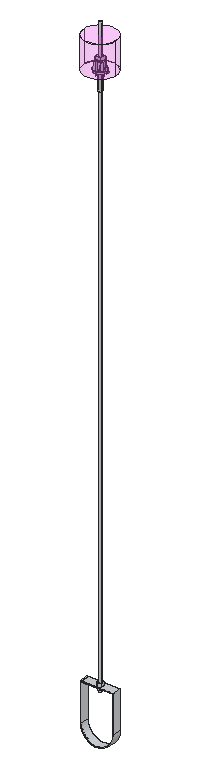
Revit family "CLEVIS HANGER - PIPES & CONDUIT", category Generic Models, Revit 2019
Family settings
  Can host rebar = No
  Round Connector Dimension = Use Diameter
  Part Type = Normal
  Work Plane-Based = No
  Always vertical = Yes
  Cut with Voids When Loaded = No
  Shared = No
  Room Calculation Point = No
Parameters
  Unistrut length [instance] = 0' - 10.70469"
  Unistrut Depth [instance] = 0' - 1 5/8"
  Slab Thickness [instance] = 0' - 8.33436"
  Pipe Band Width [instance] = Outside Pipe Diameter + 0' 0 1/4"  # 0' - 6 1/4"
  Outside Pipe Diameter [instance] = 0' - 6"
  Hanger Width [instance] = 0' - 6.70469"
  Band Width [instance] = 0' - 1 1/2"
  Band Height [instance] = Outside Pipe Diameter / 1.5  # 0' - 4"
  Anchor Elevation [instance] = 10' - 0"
Reference planes (in)
  plane 1 "Center (Front/Back)": y = 0
  plane 2: z = 0
  plane 3 "Center (Left/Right)": x = 0
  plane 4: z = 120
  plane 5: y = -0.8125
  plane 6: y = 0.8125
  plane 7: x = 3
  plane 8: x = -3
  plane 9: z = -3
  plane 10: x = -3.125
  plane 11: x = 3.125
  plane 12: z = 7.125
  plane 13: z = 7
  plane 14: z = 6
  plane 15: z = 3
  plane 16: z = 111.66564
Forms (in)
  Extrusion 1, solid
    sketch origin (0, 0, 0) x (1, 0, 0) y (0, 1, 0)
      loop
        circle (0, 0) r 0.25
    from 6 to 120
  Extrusion 2, solid
    sketch origin (0, 0, 0) x (1, 0, 0) y (0, 0, 1)
      loop
        line (-3, 0) -> (-3.125, 0)
        arc (-3.125, 0) -> (0, -3.125) -> (3.125, 0) r 3.125
        line (3.125, 0) -> (3, 0)
        arc (3, 0) -> (0, -3) -> (-3, 0) r 3
    from -0.8125 to 0.8125
  Extrusion 3, solid
    sketch origin (0, 0, 0) x (1, 0, 0) y (0, 0, 1)
      loop
        line (-3.125, 7.125) -> (-3.125, 0) -> (-3, 0) -> (-3, 7) -> (3, 7) -> (3, 0) -> (3.125, 0) -> (3.125, 7.125) -> (-3.125, 7.125)
    from -0.8125 to 0.8125
  Extrusion 4, solid
    sketch origin (-7.92438, -180, 7.125) x (-1, 0, 0) y (0, -1, 0)
      loop
        line (-8.42438, -180.28868) -> (-7.92438, -180.57735) -> (-7.42438, -180.28868) -> (-7.42438, -179.71132) -> (-7.92438, -179.42265) -> (-8.42438, -179.71132) -> (-8.42438, -180.28868)
    from -0.125 to -0.625
  Extrusion 5, solid
    sketch origin (-7.92438, -180, 7.125) x (-1, 0, 0) y (0, -1, 0)
      loop
        line (-8.42438, -180.28868) -> (-7.92438, -180.57735) -> (-7.42438, -180.28868) -> (-7.42438, -179.71132) -> (-7.92438, -179.42265) -> (-8.42438, -179.71132) -> (-8.42438, -180.28868)
    from 0 to 0.5
Dimensions and locks (in)
  locked: plane 6 to plane 5 at 1.625
  equal spacing: plane 7, plane 3 "Center (Left/Right)", plane 8
  "Outside Pipe Diameter": plane 7 to plane 8
  locked: plane 11 to plane 7 at 0.125
  locked: plane 8 to plane 10 at 0.125
  "Anchor Elevation": plane 4 to level
  equal spacing: plane 5, plane 1 "Center (Front/Back)", plane 6, locked at 0.8125 each
  locked: plane 12 to plane 13 at 0.125
  locked: plane 13 to plane 14 at 1
  locked: plane 3 "Center (Left/Right)" to Extrusion 4 at 0.5
  locked: Extrusion 4 to plane 3 "Center (Left/Right)" at 0.5
  equal spacing: plane 15, level, plane 9
  "Outside Pipe Diameter": plane 15 to plane 9
  "Band Height": plane 13 to plane 15
  "Slab Thickness": plane 4 to plane 16
  "Outside Pipe Diameter": diameter of Extrusion 2 sketch curve
  "Pipe Band Width": diameter of Extrusion 2 sketch curve
  aligned and locked: plane 2 to level
  aligned and locked: level to Extrusion 3 sketch curve  (x2)
  aligned and locked: Extrusion 3 sketch curve to plane 8
  aligned and locked: plane 10 to Extrusion 3 sketch curve
  aligned and locked: Extrusion 3 sketch curve to plane 12
  aligned and locked: Extrusion 3 sketch curve to plane 13
  aligned and locked: plane 7 to Extrusion 3 sketch curve
  aligned and locked: Extrusion 3 sketch curve to plane 11
  aligned and locked: Extrusion 1 to plane 4
  aligned and locked: plane 14 to Extrusion 1
  aligned and locked: Extrusion 3 to plane 6
  aligned and locked: Extrusion 2 to plane 6
  aligned and locked: plane 5 to Extrusion 3
  aligned and locked: plane 5 to Extrusion 2
  aligned and locked: plane 3 "Center (Left/Right)" to nested 2
  aligned and locked: plane 1 "Center (Front/Back)" to nested 2
  aligned and locked: plane 1 "Center (Front/Back)" to nested 1
  aligned and locked: plane 3 "Center (Left/Right)" to nested 1
  aligned and locked: plane 1 "Center (Front/Back)" to nested 3
  aligned and locked: plane 3 "Center (Left/Right)" to nested 3
  aligned and locked: nested 2 to nested 3
Automatic sketch dimensions
  plane 1 "Center (Front/Back)" to Extrusion 1 sketch curve = 0' - 0"
  Extrusion 1 sketch curve to plane 3 "Center (Left/Right)" = 0' - 0"
  Extrusion 4 sketch curve to plane 3 "Center (Left/Right)" = 0' - 0"  (x2)
  plane 3 "Center (Left/Right)" to Extrusion 4 sketch curve = 0' - 0 1/2"
  Extrusion 4 sketch curve to plane 3 "Center (Left/Right)" = 0' - 0 1/2"
  plane 6 to Extrusion 4 sketch curve = 0' - 0.23515"
  Extrusion 4 sketch curve to plane 1 "Center (Front/Back)" = 0' - 0.28868"  (x2)
  plane 1 "Center (Front/Back)" to Extrusion 4 sketch curve = 0' - 0.28868"  (x2)
  Extrusion 4 sketch curve to plane 5 = 0' - 0.23515"
  Extrusion 5 sketch curve to plane 3 "Center (Left/Right)" = 0' - 0"  (x2)
  plane 3 "Center (Left/Right)" to Extrusion 5 sketch curve = 0' - 0 1/2"
  Extrusion 5 sketch curve to plane 3 "Center (Left/Right)" = 0' - 0 1/2"
  plane 6 to Extrusion 5 sketch curve = 0' - 0.23515"
  Extrusion 5 sketch curve to plane 1 "Center (Front/Back)" = 0' - 0.28868"  (x2)
  plane 1 "Center (Front/Back)" to Extrusion 5 sketch curve = 0' - 0.28868"  (x2)
  Extrusion 5 sketch curve to plane 5 = 0' - 0.23515"
  Extrusion 2 sketch curve to Extrusion 2 sketch curve = 0' - 0"
  Extrusion 2 sketch curve to level = 0' - 0"
  Extrusion 2 sketch curve to plane 10 = 0' - 0"
  radius of Extrusion 1 sketch curve = 0' - 0 1/4"
Nested families (in)
  nested 1: "DEWALT Wood Knocker 2" at (0, 0, 111.66564), type "Anchor - DEWALT - PFM2521300"
    with Tension Demand 0.00 lbf, Tension DCR 0, Tension Capacity 0.00 lbf, Shear Demand 0.00 lbf, Shear DCR 0, Shear Capacity 0.00 lbf, Prefab ID "", Point Visibility no, Point Description "", Interaction DCR 0, Hanger Assembly ID "1", GTP_PointRole_0 "", GTP_PointNumber_0 "", GTP_PointElement_0 "", GTP_LinkedParam_0 "GTP_PointNumber_0", Deck Elevation 0' - 0", DCR 0, ANCHOR CLEARANCE yes
  nested 2: "TE_BLUE BANGER" at (0, 0, 111.66564), type "Default"
    with Tension Demand 0.00 lbf, Tension DCR 0, Tension Capacity 0.00 lbf, Shear Demand 0.00 lbf, Shear DCR 0, Shear Capacity 0.00 lbf, Prefab ID "", Point Visibility no, Point Description "", Interaction DCR 0, Hanger Assembly ID "1", GTP_PointRole_0 "", GTP_PointNumber_0 "", GTP_PointElement_0 "", GTP_LinkedParam_0 "GTP_PointNumber_0", Deck Elevation 0' - 0", DCR 0, ANCHOR CLEARANCE yes
  nested 3: "GTP" at (0, 0, 113.63964), type "DEWALT Hanger Pt"
    with PointRole "Stake Out", PointNumber "", PointElement "", PointDescription "Hanger Pt", LinkedParam ""
Definition of nested family "DEWALT Wood Knocker 2"
  Parameters (values of type "Anchor - DEWALT - PFM2521300")
    ≥ 5/8" = Rod Diameter > 0' 0 1/2"  # yes
    ≤ 1/2" = not([≥ 5/8"])  # no
    Weight = 0.00 lbm
    URL = "http://anchors.dewalt.com/anchors/products/mechanical-anchors/wood-knocker2plus.php"
    UPC = ""
    Type Comments = "DEWALT Wood Knocker 2"
    Tension Demand [instance] = 0.00 lbf
    Tension DCR [instance] = 0
    Tension Capacity [instance] = 0.00 lbf
    Shear Demand [instance] = 0.00 lbf
    Shear DCR [instance] = 0
    Shear Capacity [instance] = 0.00 lbf
    Rod Zone of Influence Radius = 0' - 6"
    Rod Diameter = 0' - 0 3/4"
    Prefab ID [instance] = ""
    Point Visibility [instance] = no
    Point Description [instance] = ""
    Part Number = "PFM2521300"
    Model = "Wood-Knocker®II+"
    Manufacturer = "DeWALT® Anchors & Fasteners"
    Interaction DCR [instance] = 0
    Hanger Assembly ID [instance] = "1"
    HPH = "335RL5101J"
    GTP_PointRole_0 [instance] = ""
    GTP_PointNumber_0 [instance] = ""
    GTP_PointElement_0 [instance] = ""
    GTP_LinkedParam_0 [instance] = "GTP_PointNumber_0"
    Description = "WOODKNOCKER 2 INSERT 0.750"
    Default Elevation = 0' - 0"  # constant formula
    Deck Elevation [instance] = 0' - 0"
    DCR [instance] = 0
    Cost = 3.06
    Anchor Support Recess Depth = 0' - 1 1/8"
    ANCHOR CLEARANCE [instance] = yes
  Types (2): name | ≥ 5/8" | ≤ 1/2" | Rod Diameter | Part Number | HPH | Description | Cost | Anchor Support Recess Depth
    Anchor - DEWALT - PFM2521300 | yes | no | 0' - 0 3/4" | "PFM2521300" | "335RL5101J" | "WOODKNOCKER 2 INSERT 0.750" | 3.06 | 0' - 1 1/8"
    Anchor - DEWALT - PFM2521100 | no | yes | 0' - 0 1/4" | "PFM2521100" | "335RL5101B" | "WOODKNOCKER 2 INSERT 0.250" | 2.03 | 0' - 0 3/8"
  Reference planes (in)
    plane 1 "Center (Front/Back)": y = 0
    plane 2 "REF": z = 0
    plane 3 "Center (Left/Right)": x = 0
    plane 4 "Head Height": z = 1.97441
    plane 5 "Nail Depth": z = -0.83829
    plane 6: z = 0.15748
    plane 7: z = 1.84921
    plane 8 "PointBase": z = -0.64816
    plane 9 "Elevation": z = 0
    plane 10: x = -0.28109
    plane 11: x = 0.67385
    plane 12: x = -0.33604
    plane 13: x = -0.33604
    plane 14: z = 1.125
    plane 15: z = 1.07087
    plane 16: z = 0.46883
    plane 17: z = 1.77953
    plane 18: z = 6
  Forms (in)
    Extrusion 1, solid
      sketch origin (0, 0, 0) x (1, 0, 0) y (0, 1, 0)
        loop
          line (-48, 48) -> (-48, -48) -> (48, -48) -> (48, 48) -> (-48, 48)
      from 0 to -12
    Extrusion 2, solid
      sketch origin (0.1137, 0.04621, 0) x (1, 0, 0) y (0, 1, 0)
        loop
          circle (0.56015, -0.04621) r 0.05494
      from 0 to -0.64816
    Revolve 3, solid
      sketch origin (0.1137, 0, 0) x (1, 0, 0) y (0, 0, 1)
        loop
          line (0.56015, -0.83829) -> (0.61509, -0.64816) -> (0.56015, -0.64816) -> (0.56015, -0.83829)
        axis (0.56015, -0.83829) -> (0.56015, -0.64816)
      angle from 0 to 360
    Extrusion 4, solid
      sketch origin (-0.89618, 0.14479, 0) x (1, 0, 0) y (0, 1, 0)
        loop
          circle (0.56015, 0.43886) r 0.05494
      from 0 to -0.64816
    Revolve 5, solid
      sketch origin (-0.05494, -0.58365, 0) x (-1, 0, 0) y (0, 0, 1)
        loop
          line (0.28109, -0.83829) -> (0.28109, -0.64816) -> (0.22615, -0.64816) -> (0.28109, -0.83829)
        axis (0.28109, -0.83829) -> (0.28109, -0.64816)
      angle from 0 to 360
    Revolve 6, solid
      sketch origin (-0.05494, 0.58365, 0) x (-1, 0, 0) y (0, 0, 1)
        loop
          line (0.28109, -0.83829) -> (0.28109, -0.64816) -> (0.22615, -0.64816) -> (0.28109, -0.83829)
        axis (0.28109, -0.83829) -> (0.28109, -0.64816)
      angle from 0 to 360
    Extrusion 7, solid
      sketch origin (-0.89618, -0.53744, 0) x (1, 0, 0) y (0, 1, 0)
        loop
          circle (0.56015, -0.04621) r 0.05494
      from 0 to -0.64816
    Extrusion 8, solid
      sketch origin (0, 0, 0) x (1, 0, 0) y (0, 1, 0)
        loop
          line (-0.55168, 0.67832) -> (-0.86328, 0.13861) -> (-0.86328, -0.13861) -> (-0.55168, -0.67832) -> (-0.3116, -0.81693) -> (0.3116, -0.81693) -> (0.55168, -0.67832) -> (0.86328, -0.13861) -> (0.86328, 0.13861) -> (0.55168, 0.67832) -> (0.3116, 0.81693) -> (-0.3116, 0.81693) -> (-0.55168, 0.67832)
      from 1.84921 to 1.97441
    Extrusion 9, solid
      sketch origin (0, 0, 0) x (1, 0, 0) y (0, 1, 0)
        loop
          circle (0, 0) r 1.1875
      from 0 to 0.15748
    Extrusion 10, solid
      sketch origin (0, 0, 0) x (1, 0, 0) y (0, 1, 0)
        loop
          arc (0.56216, -0.08377) -> (0.81234, -0.0014) -> (0.56386, 0.08598) r 0.13912
          arc (0.56386, 0.08598) -> (0.28519, 0.49397) -> (-0.20747, 0.53131) r 0.57038
          arc (-0.20747, 0.53131) -> (-0.40689, 0.70309) -> (-0.35474, 0.4451) r 0.13912
          arc (-0.35474, 0.4451) -> (-0.56917, 0) -> (-0.35474, -0.4451) r 0.56917
          arc (-0.35474, -0.4451) -> (-0.40569, -0.70379) -> (-0.20853, -0.52873) r 0.13912
          arc (-0.20853, -0.52873) -> (0.28418, -0.49222) -> (0.56216, -0.08377) r 0.56837
      from 0.15748 to 1.84921
    Blend 11, solid
      base sketch origin (0, 0, 0) x (1, 0, 0) y (0, 1, 0)
        loop
          line (0.81235, -0.03303) -> (1.17835, -0.03303) -> (1.17835, 0.03317) -> (0.81235, 0.03317) -> (0.81235, -0.03303)
      top sketch origin (0, 0, 0) x (1, 0, 0) y (0, 1, 0)
        loop
          line (1.00811, 0.03317) -> (0.81235, 0.03317) -> (0.81235, -0.03303) -> (1.00811, -0.03303) -> (1.00811, 0.03317)
      from 0.15748 to 1.77953
    Blend 12, solid
      base sketch origin (0.24034, 0, 0) x (-1, 0, 0) y (0, -1, 0)
        loop
          line (0.80952, 0.03303) -> (0.80952, -0.03317) -> (1.40102, -0.03317) -> (1.40102, 0.03303) -> (0.80952, 0.03303)
      top sketch origin (0.24034, 0, 0) x (-1, 0, 0) y (0, -1, 0)
        loop
          line (0.88764, -0.03317) -> (0.88764, 0.03303) -> (0.80952, 0.03303) -> (0.80952, -0.03317) -> (0.88764, -0.03317)
      from 0.15748 to 1.07087
    Blend 13, solid
      base sketch origin (0, 0, 0) x (-0.500814, 0.865555, 0) y (-0.865555, -0.500814, 0)
        loop
          line (0.81235, -0.03303) -> (1.17835, -0.03303) -> (1.17835, 0.03317) -> (0.81235, 0.03317) -> (0.81235, -0.03303)
      top sketch origin (0, 0, 0) x (-0.500814, 0.865555, 0) y (-0.865555, -0.500814, 0)
        loop
          line (1.00811, 0.03317) -> (0.81235, 0.03317) -> (0.81235, -0.03303) -> (1.00811, -0.03303) -> (1.00811, 0.03317)
      from 0.15748 to 1.77953
    Blend 14, solid
      base sketch origin (-0.12037, 0.20803, 0) x (0.500814, -0.865555, 0) y (0.865555, 0.500814, 0)
        loop
          line (0.80952, 0.03303) -> (0.80952, -0.03317) -> (1.40102, -0.03317) -> (1.40102, 0.03303) -> (0.80952, 0.03303)
      top sketch origin (-0.12037, 0.20803, 0) x (0.500814, -0.865555, 0) y (0.865555, 0.500814, 0)
        loop
          line (0.88764, -0.03317) -> (0.88764, 0.03303) -> (0.80952, 0.03303) -> (0.80952, -0.03317) -> (0.88764, -0.03317)
      from 0.15748 to 1.07087
    Blend 15, solid
      base sketch origin (0, 0, 0) x (-0.499476, -0.866328, 0) y (0.866328, -0.499476, 0)
        loop
          line (0.81235, -0.03303) -> (1.17835, -0.03303) -> (1.17835, 0.03317) -> (0.81235, 0.03317) -> (0.81235, -0.03303)
      top sketch origin (0, 0, 0) x (-0.499476, -0.866328, 0) y (0.866328, -0.499476, 0)
        loop
          line (1.00811, 0.03317) -> (0.81235, 0.03317) -> (0.81235, -0.03303) -> (1.00811, -0.03303) -> (1.00811, 0.03317)
      from 0.15748 to 1.77953
    Blend 16, solid
      base sketch origin (-0.12005, -0.20822, 0) x (0.499476, 0.866328, 0) y (-0.866328, 0.499476, 0)
        loop
          line (0.80952, 0.03303) -> (0.80952, -0.03317) -> (1.40102, -0.03317) -> (1.40102, 0.03303) -> (0.80952, 0.03303)
      top sketch origin (-0.12005, -0.20822, 0) x (0.499476, 0.866328, 0) y (-0.866328, 0.499476, 0)
        loop
          line (0.88764, -0.03317) -> (0.88764, 0.03303) -> (0.80952, 0.03303) -> (0.80952, -0.03317) -> (0.88764, -0.03317)
      from 0.15748 to 1.07087
    Extrusion 17, solid, visible <- "ANCHOR CLEARANCE"
      sketch origin (0, 0, 0) x (1, 0, 0) y (0, 1, 0)
        loop
          circle (0.00001, 0) r 3
      from 0 to 6
  Dimensions and locks (in)
    plane 7 to plane 6 = 0' - 1.69173"
    plane 4 "Head Height" to plane 7 = 0' - 0.1252"
    plane 8 "PointBase" to plane 5 "Nail Depth" = 0' - 0.19013"
    "Deck Elevation": plane 9 "Elevation" to plane 2 "REF"
    plane 9 "Elevation" to plane 8 "PointBase" = 0' - 0.64816"
    plane 6 to plane 9 "Elevation" = 0' - 0.15748"
    "Anchor Support Recess Depth": plane 14 to plane 9 "Elevation"
    plane 16 to plane 6 = 0' - 0.31135"
    plane 15 to plane 16 = 0' - 0.60203"
    plane 17 to plane 15 = 0' - 0.70866"
    locked: plane 18 to Extrusion 9 at 6
    aligned and locked: plane 2 "REF" to Extrusion 1
    aligned and locked: level to Extrusion 1
    aligned and locked: plane 1 "Center (Front/Back)" to nested 1
    aligned and locked: nested 1 to plane 3 "Center (Left/Right)"
    aligned and locked: plane 8 "PointBase" to Revolve 6
    aligned and locked: plane 8 "PointBase" to Revolve 5
    aligned and locked: Revolve 3 to plane 8 "PointBase"
    aligned and locked: plane 8 "PointBase" to Extrusion 4
    aligned and locked: plane 8 "PointBase" to Extrusion 7
    aligned and locked: plane 8 "PointBase" to Extrusion 2
    aligned and locked: plane 9 "Elevation" to Extrusion 7
    aligned and locked: plane 9 "Elevation" to Extrusion 4
    aligned and locked: plane 9 "Elevation" to Extrusion 2
    aligned and locked: Extrusion 9 to plane 9 "Elevation"
    aligned and locked: Extrusion 10 to plane 6
    aligned and locked: Blend 11 to plane 6
    aligned and locked: plane 6 to Extrusion 9
    aligned and locked: plane 17 to Blend 11
    aligned and locked: plane 7 to Extrusion 10
    aligned and locked: Extrusion 8 to plane 7
    aligned and locked: Extrusion 8 to plane 4 "Head Height"
    aligned and locked: Blend 11 to Blend 15
    aligned and locked: Blend 15 to plane 6
    aligned and locked: plane 17 to Blend 13
    aligned and locked: Blend 13 to plane 6
    aligned and locked: plane 15 to Blend 12
    aligned and locked: plane 15 to Blend 14
    aligned and locked: plane 15 to Blend 16
    aligned and locked: Blend 12 to plane 6
    aligned and locked: Blend 14 to plane 6
    aligned and locked: Blend 16 to plane 6
    aligned and locked: plane 3 "Center (Left/Right)" to nested 2
    aligned and locked: plane 1 "Center (Front/Back)" to nested 2
    aligned and locked: plane 9 "Elevation" to nested 2
    aligned and locked: plane 1 "Center (Front/Back)" to nested 3
    aligned and locked: plane 3 "Center (Left/Right)" to nested 3
    aligned and locked: nested 3 to plane 9 "Elevation"
    aligned and locked: plane 18 to Extrusion 17
    aligned and locked: Extrusion 17 to Extrusion 9
  Automatic sketch dimensions
    Extrusion 1 sketch curve to Extrusion 1 sketch curve = 8' - 0"  (x2)
    plane 1 "Center (Front/Back)" to Extrusion 2 sketch curve = 0' - 0"
    plane 3 "Center (Left/Right)" to Extrusion 2 sketch curve = 0' - 0.67385"
    Revolve 3 sketch curve to plane 8 "PointBase" = 0' - 0"
    plane 11 to Revolve 3 sketch curve = 0' - 0"
    Revolve 3 sketch curve to plane 11 = 0' - 0"
    Revolve 3 sketch curve to plane 5 "Nail Depth" = 0' - 0"  (x2)
    Revolve 3 sketch curve to Revolve 3 sketch curve = 0' - 0.05494"
    Revolve 3 sketch curve to Revolve 3 sketch curve = 0' - 0.02339"
    Extrusion 4 sketch curve to plane 10 = 0' - 0.05494"
    Extrusion 4 sketch curve to plane 1 "Center (Front/Back)" = 0' - 0.58365"
    Revolve 5 sketch curve to plane 8 "PointBase" = 0' - 0"
    plane 10 to Revolve 5 sketch curve = 0' - 0"
    plane 12 to Revolve 5 sketch curve = 0' - 0"
    Revolve 5 sketch curve to plane 5 "Nail Depth" = 0' - 0"  (x2)
    Revolve 5 sketch curve to plane 12 = 0' - 0"
    Revolve 5 sketch curve to Revolve 5 sketch curve = 0' - 0.02339"
    Revolve 6 sketch curve to plane 8 "PointBase" = 0' - 0"
    plane 10 to Revolve 6 sketch curve = 0' - 0"
    plane 13 to Revolve 6 sketch curve = 0' - 0"
    Revolve 6 sketch curve to plane 5 "Nail Depth" = 0' - 0"  (x2)
    Revolve 6 sketch curve to plane 13 = 0' - 0"
    Revolve 6 sketch curve to Revolve 6 sketch curve = 0' - 0.02339"
    Extrusion 7 sketch curve to plane 10 = 0' - 0.05494"
    plane 1 "Center (Front/Back)" to Extrusion 7 sketch curve = 0' - 0.58365"
    Extrusion 8 sketch curve to plane 1 "Center (Front/Back)" = 0' - 0.13861"  (x2)
    Extrusion 8 sketch curve to plane 10 = 0' - 0.58219"
    Extrusion 8 sketch curve to plane 10 = 0' - 0.27059"  (x2)
    Extrusion 8 sketch curve to plane 10 = 0' - 0.03051"  (x2)
    plane 3 "Center (Left/Right)" to Extrusion 8 sketch curve = 0' - 0.3116"  (x2)
    Extrusion 8 sketch curve to Extrusion 8 sketch curve = 0' - 0.24008"  (x2)
    plane 1 "Center (Front/Back)" to Extrusion 8 sketch curve = 0' - 0.13861"  (x2)
    Extrusion 8 sketch curve to Extrusion 8 sketch curve = 0' - 0.3116"
    Extrusion 8 sketch curve to Extrusion 8 sketch curve = 0' - 0.53971"  (x4)
    Extrusion 8 sketch curve to Extrusion 8 sketch curve = 0' - 0.13861"  (x2)
    plane 1 "Center (Front/Back)" to Extrusion 9 sketch curve = 0' - 0"
    Extrusion 9 sketch curve to plane 3 "Center (Left/Right)" = 0' - 0"
    Extrusion 10 sketch curve to Extrusion 10 sketch curve = 0' - 0"  (x6)
    plane 1 "Center (Front/Back)" to Extrusion 10 sketch curve = 0' - 0"  (x2)
    Extrusion 10 sketch curve to plane 3 "Center (Left/Right)" = 0' - 0"
    Extrusion 10 sketch curve to plane 10 = 0' - 0.05552"  (x2)
    Extrusion 10 sketch curve to Extrusion 10 sketch curve = 0' - 0.67323"
    plane 1 "Center (Front/Back)" to Extrusion 10 sketch curve = 0' - 0.58303"
    Extrusion 10 sketch curve to plane 1 "Center (Front/Back)" = 0' - 0.58303"
    plane 10 to Extrusion 10 sketch curve = 0' - 0.07362"
    plane 10 to Extrusion 10 sketch curve = 0' - 0.07256"
    Extrusion 10 sketch curve to plane 10 = 0' - 0.07365"  (x2)
    Extrusion 10 sketch curve to Extrusion 10 sketch curve = 0' - 0.11107"
    Extrusion 10 sketch curve to plane 1 "Center (Front/Back)" = 0' - 0.08598"
    Blend 11 sketch curve to plane 1 "Center (Front/Back)" = 0' - 0.03317"  (x2)
    plane 3 "Center (Left/Right)" to Blend 11 sketch curve = 0' - 0.81235"  (x2)
    plane 1 "Center (Front/Back)" to Blend 11 sketch curve = 0' - 0.03303"  (x2)
    Blend 11 sketch curve to Blend 11 sketch curve = 0' - 0.366"
    Blend 11 sketch curve to Blend 11 sketch curve = 0' - 0.19576"
    plane 1 "Center (Front/Back)" to Blend 12 sketch curve = 0' - 0.03317"  (x2)
    plane 10 to Blend 12 sketch curve = 0' - 0.28808"  (x2)
    Blend 12 sketch curve to plane 1 "Center (Front/Back)" = 0' - 0.03303"  (x2)
    Blend 12 sketch curve to Blend 12 sketch curve = 0' - 0.5915"
    Blend 12 sketch curve to Blend 12 sketch curve = 0' - 0 5/64"
    Blend 13 sketch curve to plane 10 = 0' - 0.15445"  (x2)
    Blend 13 sketch curve to plane 1 "Center (Front/Back)" = 0' - 0.68652"  (x2)
    Blend 13 sketch curve to Blend 13 sketch curve = 0' - 0.366"
    Blend 13 sketch curve to Blend 13 sketch curve = 0' - 0.0662"  (x2)
    Blend 13 sketch curve to Blend 13 sketch curve = 0' - 0.19576"
    Blend 14 sketch curve to plane 3 "Center (Left/Right)" = 0' - 0.25634"  (x2)
    Blend 14 sketch curve to plane 1 "Center (Front/Back)" = 0' - 0.50926"  (x2)
    Blend 14 sketch curve to Blend 14 sketch curve = 0' - 0.5915"
    Blend 14 sketch curve to Blend 14 sketch curve = 0' - 0.0662"  (x2)
    Blend 14 sketch curve to Blend 14 sketch curve = 0' - 0 5/64"
    Blend 15 sketch curve to plane 10 = 0' - 0.09592"  (x2)
    plane 1 "Center (Front/Back)" to Blend 15 sketch curve = 0' - 0.72032"  (x2)
    Blend 15 sketch curve to Blend 15 sketch curve = 0' - 0.366"
    Blend 15 sketch curve to Blend 15 sketch curve = 0' - 0.0662"  (x2)
    Blend 15 sketch curve to Blend 15 sketch curve = 0' - 0.19576"
    Blend 16 sketch curve to plane 3 "Center (Left/Right)" = 0' - 0.31302"  (x2)
    plane 1 "Center (Front/Back)" to Blend 16 sketch curve = 0' - 0.47652"  (x2)
    Blend 16 sketch curve to Blend 16 sketch curve = 0' - 0.5915"
    Blend 16 sketch curve to Blend 16 sketch curve = 0' - 0.0662"  (x2)
    Blend 16 sketch curve to Blend 16 sketch curve = 0' - 0 5/64"
    plane 1 "Center (Front/Back)" to Extrusion 17 sketch curve = 0' - 0"
    plane 3 "Center (Left/Right)" to Extrusion 17 sketch curve = 0' - 0"
    radius of Extrusion 2 sketch curve = 0' - 0.05494"
    radius of Extrusion 4 sketch curve = 0' - 0.05494"
    radius of Extrusion 7 sketch curve = 0' - 0.05494"
    radius of Extrusion 9 sketch curve = 0' - 1 3/16"
    radius of Extrusion 17 sketch curve = 0' - 3"
  Nested families (in)
    nested 1: "Target" at (0, 0, 0) x (0, -1, 0) z (0, 0, 1), type "Target"
    nested 2: "GTP" at (0, 0, 0), PointNumber <- "GTP_PointNumber_0", PointRole <- "GTP_PointRole_0", PointElement <- "GTP_PointElement_0", LinkedParam <- "GTP_LinkedParam_0", PointDescription <- "Point Description", visible <- "Point Visibility", type "DEWALT Hanger Pt"
      with PointRole "", PointNumber "", PointElement "", PointDescription "", LinkedParam "GTP_PointNumber_0"
    nested 3: "Trmb_FieldPoints_MarkerGraphic_Hanger Point" at (0, 0, 0), visible <- "Point Visibility", type "MarkerTFP"
  Definition of nested family "GTP"
    Parameters (values of type "DEWALT Hanger Pt")
      URL = "www.gogtp.com"
      PointRole [instance] = "Stake Out"
      PointNumber [instance] = ""
      PointElement [instance] = ""
      PointDescription [instance] = "Hanger Pt"
      Manufacturer = "Get the Point, LLC"
      LinkedParam [instance] = ""
    Reference planes (in)
      plane 1 "Center (Front/Back)": y = 0
      plane 2: z = 0
      plane 3 "Center (Left/Right)": x = 0
    Forms (in)
      Extrusion 1, solid, detail levels medium+fine
        sketch origin (0, 0, 0) x (1, 0, 0) y (0, 1, 0)
          loop
            line (0.5, -0.5) -> (0.5, 0.5) -> (-0.5, 0.5) -> (-0.5, -0.5) -> (0.5, -0.5)
        from -0.5 to 0.5
    Lines and regions (in)
      model lines, detail levels coarse+medium
        curve 1: line (0, 0.5, 0) -> (0, 0, 0)
        curve 2: line (-0.5, 0, 0) -> (0, 0, 0)
        curve 3: line (0, 0, -0.5) -> (0, 0, 0)
        curve 4: line (0, 0, 0) -> (0.5, 0, 0)
        curve 5: line (0, 0, 0) -> (0, -0.5, 0)
        curve 6: line (0, 0, 0) -> (0, 0, 0.5)
  Definition of nested family "Target"
    Reference planes (in)
      plane 1 "Center (Front/Back)": y = 0
      plane 2: z = 0
      plane 3 "Center (Left/Right)": x = 0
    Lines and regions (in)
      Filled region 1, type "Solid Fill - Black", in view "Ref. Level"
        outline origin (0, 0, 0) x (1, 0, 0) y (0, 1, 0)
          loop
            line (-1, 0) -> (0, 0) -> (0, 1)
            arc (0, 1) -> (-0.70711, 0.70711) -> (-1, 0) r 1
      Filled region 2, type "Solid Fill - Black", in view "Ref. Level"
        outline origin (0, 0, 0) x (1, 0, 0) y (0, 1, 0)
          loop
            arc (0, -1) -> (0.70711, -0.70711) -> (1, 0) r 1
            line (1, 0) -> (0, 0) -> (0, -1)
      detail lines, in view "Ref. Level"
        curve 1: circle (0, 0, 0) r 1 normal (0, 0, 1)
  Definition of nested family "Trmb_FieldPoints_MarkerGraphic_Hanger Point"
    Parameters (values of type "MarkerTFP")
      Default Elevation = 4' - 0"
    Reference planes (in)
      plane 1 "Center (Front/Back)": y = 0
      plane 2: z = 0
      plane 3 "Center (Left/Right)": x = 0
    Lines and regions (in)
      model lines
        curve 1: line (0.00001, 0, 0) -> (0.00001, 1, 0)
        curve 2: line (0.00001, 0, 0) -> (-0.99999, 0, 0)
        curve 3: line (0.00001, 0, 0) -> (0.00001, -1, 0)
        curve 4: line (0.00001, 0, 0) -> (1.00001, 0, 0)
        curve 5: line (0.00001, 0, 0) -> (0.00001, 0, -1)
        curve 11: line (0.00001, 0, 1) -> (0.00001, 0, 0)
      model lines, not visible
        curve 6: line (0, 0, 0) -> (0, 1, 0)
        curve 7: line (0, 0, 0) -> (-1, 0, 0)
        curve 8: line (0, 0, 0) -> (0, -1, 0)
        curve 9: line (0, 0, 0) -> (1, 0, 0)
        curve 10: line (0, 0, 0) -> (0, 0, -1)
        curve 12: line (0, 0, 1) -> (0, 0, 0)
    Dimensions and locks (in)
      aligned and locked: level to plane 2
Definition of nested family "TE_BLUE BANGER"
  Parameters (values of type "Default")
    ≥ 5/8" = Rod Diameter > 0' 0 1/2"  # no
    ≤ 1/2" = not([≥ 5/8"])  # yes
    Weight = 0.00 lbm
    URL = "http://anchors.dewalt.com/anchors/_documents/uploads/bang-itplus_manual.pdf?1477063953"
    UPC = ""
    Tension Demand [instance] = 0.00 lbf
    Tension DCR [instance] = 0
    Tension Capacity [instance] = 0.00 lbf
    Shear Demand [instance] = 0.00 lbf
    Shear DCR [instance] = 0
    Shear Capacity [instance] = 0.00 lbf
    Rod Zone of Influence Radius = 0' - 6"
    Rod Diameter = 0' - 0 1/2"
    Prefab ID [instance] = ""
    Point Visibility [instance] = no
    Point Description [instance] = ""
    Part Number = "7543-1/2"
    Interaction DCR [instance] = 0
    Hanger Assembly ID [instance] = "1"
    HPH = ""
    GTP_PointRole_0 [instance] = ""
    GTP_PointNumber_0 [instance] = ""
    GTP_PointElement_0 [instance] = ""
    GTP_LinkedParam_0 [instance] = "GTP_PointNumber_0"
    Model = "Bang-It®+"
    Manufacturer = "DeWALT® Anchors & Fasteners"
    Description = "Concrete insert for installation in and through metal composite deck."
    Default Elevation = 0' - 0"  # constant formula
    Deck Elevation [instance] = 0' - 0"
    DCR [instance] = 0
    Anchor Support Recess Depth = 0' - 0 11/16"
    ANCHOR CLEARANCE [instance] = yes
  Reference planes (in)
    plane 1 "Center (Front/Back)": y = 0
    plane 2: z = 0
    plane 3 "Center (Left/Right)": x = 0
    plane 4 "REF": z = 0
    plane 5: z = -3.386
    plane 6: z = -3.3
    plane 7: z = 0.075
    plane 8: z = 1.843
    plane 9: z = 1.974
    plane 10: z = 6
  Forms (in)
    Extrusion 1, solid
      sketch origin (0, 0, 0) x (1, 0, 0) y (0, 1, 0)
        loop
          line (-48, 48) -> (-48, -48) -> (48, -48) -> (48, 48) -> (-48, 48)
      from 0 to -12
    Extrusion 2, solid, visible <- "≤ 1/2""
      sketch origin (0, 0, 8.31834) x (1, 0, 0) y (0, 1, 0)
        loop
          line (-0.14119, 0.73659) -> (-0.56731, 0.49057) -> (-0.7085, 0.24602) -> (-0.7085, -0.24602) -> (-0.56731, -0.49057) -> (-0.14119, -0.73659) -> (0.14119, -0.73659) -> (0.56731, -0.49057) -> (0.7085, -0.24602) -> (0.7085, 0.24602) -> (0.56731, 0.49057) -> (0.14119, 0.73659) -> (-0.14119, 0.73659)
      from -6.47534 to -6.34434
    Extrusion 3, solid, visible <- "≤ 1/2""
      sketch origin (0, 0, 6.46934) x (0, -1, 0) y (1, 0, 0)
        loop
          line (-0.75, -0.7104) -> (-0.25, -0.7104) -> (-0.25, -1.375) -> (0.25, -1.375) -> (0.25, -0.7104) -> (0.75, -0.7104) -> (0.75, 0.7104) -> (0.25, 0.7104) -> (0.25, 1.375) -> (-0.25, 1.375) -> (-0.25, 0.7104) -> (-0.75, 0.7104) -> (-0.75, -0.7104)
      from -6.46934 to -6.39434
    Extrusion 4, solid, visible <- "≤ 1/2""
      sketch origin (0, 0, 6.46934) x (0, 1, 0) y (-1, 0, 0)
        loop
          circle (0, 0) r 0.3935
        loop
          circle (0, 0) r 0.3125
      from -9.85534 to -6.46934
    Extrusion 5, solid, visible <- "≥ 5/8""
      sketch origin (0, 0, 8.31234) x (1, 0, 0) y (0, 1, 0)
        loop
          line (-0.55091, 0.6798) -> (-0.86418, 0.1372) -> (-0.86418, -0.1372) -> (-0.55091, -0.6798) -> (-0.31327, -0.817) -> (0.31327, -0.817) -> (0.55091, -0.6798) -> (0.86418, -0.1372) -> (0.86418, 0.1372) -> (0.55091, 0.6798) -> (0.31327, 0.817) -> (-0.31327, 0.817) -> (-0.55091, 0.6798)
      from -6.46934 to -6.33834
    Extrusion 6, solid, visible <- "≥ 5/8""
      sketch origin (0, 0, 6.46934) x (0, -1, 0) y (1, 0, 0)
        loop
          line (-0.75, -1.181) -> (-0.25, -1.181) -> (-0.25, -1.75) -> (0.25, -1.75) -> (0.25, -1.181) -> (0.75, -1.181) -> (0.75, 1.181) -> (0.25, 1.181) -> (0.25, 1.75) -> (-0.25, 1.75) -> (-0.25, 1.181) -> (-0.75, 1.181) -> (-0.75, -1.181)
      from -6.46934 to -6.39434
    Extrusion 7, solid, visible <- "≥ 5/8""
      sketch origin (0, 0, 6.46934) x (1, 0, 0) y (0, 1, 0)
        loop
          circle (0, 0) r 0.561
        loop
          circle (0, 0) r 0.4375
      from -9.76934 to -6.46934
    Extrusion 8, solid, visible <- "≤ 1/2""
      sketch origin (0, 0, 8.39334) x (1, 0, 0) y (0, 1, 0)
        loop
          circle (0, 0) r 0.333
      from -8.31834 to -6.55034
    Extrusion 9, solid, visible <- "≥ 5/8""
      sketch origin (0, 0, 8.38734) x (1, 0, 0) y (0, 1, 0)
        loop
          circle (0, 0) r 0.5
      from -8.31234 to -6.54434
    Extrusion 10, solid, visible <- "ANCHOR CLEARANCE"
      sketch origin (0, 0, 0) x (1, 0, 0) y (0, 1, 0)
        loop
          circle (0.00001, 0) r 3
      from 0 to 6
  Cuts and joins
    joined: Extrusion 5, Extrusion 6, Extrusion 9
    joined: Extrusion 2, Extrusion 3, Extrusion 8
  Dimensions and locks (in)
    "Deck Elevation": plane 4 "REF" to plane 2
    plane 9 to plane 4 "REF" = 0' - 1.974"
    plane 4 "REF" to plane 6 = 0' - 3.3"
    plane 4 "REF" to plane 5 = 0' - 3.386"
    plane 7 to plane 4 "REF" = 0' - 0.075"
    plane 9 to plane 8 = 0' - 0.131"
    locked: plane 10 to cut or joined group of Extrusion 5, Extrusion 6, Extrusion 9 at 6
    aligned and locked: plane 2 to Extrusion 1
    aligned and locked: level to Extrusion 1
    aligned and locked: plane 3 "Center (Left/Right)" to nested 1
    aligned and locked: nested 1 to plane 1 "Center (Front/Back)"
    aligned and locked: Extrusion 4 to plane 5
    aligned and locked: Extrusion 7 to plane 6
    aligned and locked: plane 4 "REF" to Extrusion 4
    aligned and locked: plane 4 "REF" to Extrusion 7
    aligned and locked: plane 7 to cut or joined group of Extrusion 2, Extrusion 3, Extrusion 8
    aligned and locked: plane 7 to cut or joined group of Extrusion 5, Extrusion 6, Extrusion 9
    aligned and locked: cut or joined group of Extrusion 5, Extrusion 6, Extrusion 9 to plane 7
    aligned and locked: cut or joined group of Extrusion 2, Extrusion 3, Extrusion 8 to plane 7
    aligned and locked: plane 9 to cut or joined group of Extrusion 5, Extrusion 6, Extrusion 9
    aligned and locked: plane 9 to cut or joined group of Extrusion 2, Extrusion 3, Extrusion 8
    aligned and locked: plane 8 to cut or joined group of Extrusion 5, Extrusion 6, Extrusion 9
    aligned and locked: cut or joined group of Extrusion 5, Extrusion 6, Extrusion 9 to plane 8
    aligned and locked: cut or joined group of Extrusion 5, Extrusion 6, Extrusion 9 to plane 4 "REF"
    aligned and locked: cut or joined group of Extrusion 2, Extrusion 3, Extrusion 8 to plane 4 "REF"
    aligned and locked: cut or joined group of Extrusion 2, Extrusion 3, Extrusion 8 to plane 8
    aligned and locked: plane 8 to cut or joined group of Extrusion 2, Extrusion 3, Extrusion 8
    aligned and locked: plane 1 "Center (Front/Back)" to nested 2
    aligned and locked: plane 3 "Center (Left/Right)" to nested 2
    aligned and locked: plane 4 "REF" to nested 2
    aligned and locked: plane 3 "Center (Left/Right)" to nested 3
    aligned and locked: plane 1 "Center (Front/Back)" to nested 3
    aligned and locked: nested 3 to plane 4 "REF"
    aligned and locked: Extrusion 10 to cut or joined group of Extrusion 5, Extrusion 6, Extrusion 9
    aligned and locked: plane 10 to Extrusion 10
  Automatic sketch dimensions
    Extrusion 1 sketch curve to Extrusion 1 sketch curve = 8' - 0"  (x2)
    Extrusion 4 sketch curve to Extrusion 4 sketch curve = 0' - 0"  (x2)
    plane 1 "Center (Front/Back)" to Extrusion 4 sketch curve = 0' - 0"
    Extrusion 4 sketch curve to plane 3 "Center (Left/Right)" = 0' - 0"
    Extrusion 7 sketch curve to Extrusion 7 sketch curve = 0' - 0"  (x2)
    plane 1 "Center (Front/Back)" to Extrusion 7 sketch curve = 0' - 0"
    Extrusion 7 sketch curve to plane 3 "Center (Left/Right)" = 0' - 0"
    plane 1 "Center (Front/Back)" to Extrusion 8 sketch curve = 0' - 0"
    Extrusion 8 sketch curve to plane 3 "Center (Left/Right)" = 0' - 0"
    plane 1 "Center (Front/Back)" to Extrusion 9 sketch curve = 0' - 0"
    Extrusion 9 sketch curve to plane 3 "Center (Left/Right)" = 0' - 0"
    Extrusion 5 sketch curve to plane 3 "Center (Left/Right)" = 0' - 0.31327"  (x2)
    Extrusion 5 sketch curve to plane 1 "Center (Front/Back)" = 0' - 0.1372"  (x2)
    plane 3 "Center (Left/Right)" to Extrusion 5 sketch curve = 0' - 0.31327"  (x2)
    Extrusion 5 sketch curve to Extrusion 5 sketch curve = 0' - 0.23764"  (x4)
    plane 1 "Center (Front/Back)" to Extrusion 5 sketch curve = 0' - 0.1372"
    Extrusion 5 sketch curve to Extrusion 5 sketch curve = 0' - 0.54259"  (x2)
    plane 1 "Center (Front/Back)" to Extrusion 5 sketch curve = 0' - 0.6798"
    Extrusion 5 sketch curve to Extrusion 5 sketch curve = 0' - 0.1372"  (x3)
    Extrusion 5 sketch curve to Extrusion 5 sketch curve = 0' - 0.31327"  (x2)
    plane 1 "Center (Front/Back)" to Extrusion 5 sketch curve = 0' - 0.817"
    Extrusion 2 sketch curve to plane 3 "Center (Left/Right)" = 0' - 0.14119"  (x2)
    Extrusion 2 sketch curve to plane 1 "Center (Front/Back)" = 0' - 0.24602"  (x2)
    Extrusion 2 sketch curve to Extrusion 2 sketch curve = 0' - 0.14119"  (x3)
    Extrusion 2 sketch curve to Extrusion 2 sketch curve = 0' - 0.42613"  (x3)
    plane 1 "Center (Front/Back)" to Extrusion 2 sketch curve = 0' - 0.24602"  (x2)
    Extrusion 2 sketch curve to Extrusion 2 sketch curve = 0' - 0.24602"  (x2)
    plane 1 "Center (Front/Back)" to Extrusion 2 sketch curve = 0' - 0.49057"
    plane 3 "Center (Left/Right)" to Extrusion 2 sketch curve = 0' - 0.14119"  (x2)
    Extrusion 2 sketch curve to Extrusion 2 sketch curve = 0' - 0.24454"  (x3)
    Extrusion 3 sketch curve to plane 1 "Center (Front/Back)" = 0' - 0 3/4"
    Extrusion 3 sketch curve to plane 1 "Center (Front/Back)" = 0' - 0 1/4"  (x2)
    plane 1 "Center (Front/Back)" to Extrusion 3 sketch curve = 0' - 0 1/4"  (x2)
    Extrusion 3 sketch curve to Extrusion 3 sketch curve = 0' - 0 1/2"
    Extrusion 3 sketch curve to plane 3 "Center (Left/Right)" = 0' - 1 3/8"
    Extrusion 3 sketch curve to plane 3 "Center (Left/Right)" = 0' - 0.7104"  (x2)
    plane 3 "Center (Left/Right)" to Extrusion 3 sketch curve = 0' - 0.7104"  (x2)
    Extrusion 3 sketch curve to Extrusion 3 sketch curve = 0' - 0"  (x2)
    Extrusion 3 sketch curve to Extrusion 3 sketch curve = 0' - 0.6646"
    Extrusion 6 sketch curve to plane 1 "Center (Front/Back)" = 0' - 0 3/4"
    Extrusion 6 sketch curve to plane 1 "Center (Front/Back)" = 0' - 0 1/4"  (x2)
    plane 1 "Center (Front/Back)" to Extrusion 6 sketch curve = 0' - 0 1/4"  (x2)
    Extrusion 6 sketch curve to Extrusion 6 sketch curve = 0' - 0 1/2"
    Extrusion 6 sketch curve to plane 3 "Center (Left/Right)" = 0' - 1 3/4"
    Extrusion 6 sketch curve to Extrusion 6 sketch curve = 0' - 0.569"  (x3)
    Extrusion 6 sketch curve to Extrusion 6 sketch curve = 0' - 0"  (x3)
    plane 3 "Center (Left/Right)" to Extrusion 6 sketch curve = 0' - 1.181"
    plane 1 "Center (Front/Back)" to Extrusion 10 sketch curve = 0' - 0"
    plane 3 "Center (Left/Right)" to Extrusion 10 sketch curve = 0' - 0"
    radius of Extrusion 4 sketch curve = 0' - 0.3935"
    radius of Extrusion 4 sketch curve = 0' - 0 5/16"
    radius of Extrusion 7 sketch curve = 0' - 0.561"
    radius of Extrusion 7 sketch curve = 0' - 0 7/16"
    radius of Extrusion 8 sketch curve = 0' - 0.333"
    radius of Extrusion 9 sketch curve = 0' - 0 1/2"
    radius of Extrusion 10 sketch curve = 0' - 3"
  Nested families (in)
    nested 1: "Target" at (0, 0, -3.3) x (1, 0, 0) z (0, 0, -1), type "Target"
    nested 2: "GTP" at (0, 0, 0), PointNumber <- "GTP_PointNumber_0", PointRole <- "GTP_PointRole_0", PointElement <- "GTP_PointElement_0", LinkedParam <- "GTP_LinkedParam_0", visible <- "Point Visibility", PointDescription <- "Point Description", type "DEWALT Hanger Pt"
      with PointRole "", PointNumber "", PointElement "", PointDescription "", LinkedParam "GTP_PointNumber_0"
    nested 3: "Trmb_FieldPoints_MarkerGraphic_Hanger Point" at (0, 0, 0), visible <- "Point Visibility", type "MarkerTFP"
  Definition of nested family "GTP"
    Parameters (values of type "DEWALT Hanger Pt")
      URL = "www.gogtp.com"
      PointRole [instance] = "Stake Out"
      PointNumber [instance] = ""
      PointElement [instance] = ""
      PointDescription [instance] = "Hanger Pt"
      Manufacturer = "Get the Point, LLC"
      LinkedParam [instance] = ""
    Reference planes (in)
      plane 1 "Center (Front/Back)": y = 0
      plane 2: z = 0
      plane 3 "Center (Left/Right)": x = 0
    Forms (in)
      Extrusion 1, solid, detail levels medium+fine
        sketch origin (0, 0, 0) x (1, 0, 0) y (0, 1, 0)
          loop
            line (0.5, -0.5) -> (0.5, 0.5) -> (-0.5, 0.5) -> (-0.5, -0.5) -> (0.5, -0.5)
        from -0.5 to 0.5
    Lines and regions (in)
      model lines, detail levels coarse+medium
        curve 1: line (0, 0.5, 0) -> (0, 0, 0)
        curve 2: line (-0.5, 0, 0) -> (0, 0, 0)
        curve 3: line (0, 0, -0.5) -> (0, 0, 0)
        curve 4: line (0, 0, 0) -> (0.5, 0, 0)
        curve 5: line (0, 0, 0) -> (0, -0.5, 0)
        curve 6: line (0, 0, 0) -> (0, 0, 0.5)
  Definition of nested family "Target"
    Reference planes (in)
      plane 1 "Center (Front/Back)": y = 0
      plane 2: z = 0
      plane 3 "Center (Left/Right)": x = 0
    Lines and regions (in)
      Filled region 1, type "Solid Fill - Black", in view "Ref. Level"
        outline origin (0, 0, 0) x (1, 0, 0) y (0, 1, 0)
          loop
            line (-1, 0) -> (0, 0) -> (0, 1)
            arc (0, 1) -> (-0.70711, 0.70711) -> (-1, 0) r 1
      Filled region 2, type "Solid Fill - Black", in view "Ref. Level"
        outline origin (0, 0, 0) x (1, 0, 0) y (0, 1, 0)
          loop
            arc (0, -1) -> (0.70711, -0.70711) -> (1, 0) r 1
            line (1, 0) -> (0, 0) -> (0, -1)
      detail lines, in view "Ref. Level"
        curve 1: circle (0, 0, 0) r 1 normal (0, 0, 1)
  Definition of nested family "Trmb_FieldPoints_MarkerGraphic_Hanger Point"
    Parameters (values of type "MarkerTFP")
      Default Elevation = 4' - 0"
    Reference planes (in)
      plane 1 "Center (Front/Back)": y = 0
      plane 2: z = 0
      plane 3 "Center (Left/Right)": x = 0
    Lines and regions (in)
      model lines
        curve 1: line (0.00001, 0, 0) -> (0.00001, 1, 0)
        curve 2: line (0.00001, 0, 0) -> (-0.99999, 0, 0)
        curve 3: line (0.00001, 0, 0) -> (0.00001, -1, 0)
        curve 4: line (0.00001, 0, 0) -> (1.00001, 0, 0)
        curve 5: line (0.00001, 0, 0) -> (0.00001, 0, -1)
        curve 11: line (0.00001, 0, 1) -> (0.00001, 0, 0)
      model lines, not visible
        curve 6: line (0, 0, 0) -> (0, 1, 0)
        curve 7: line (0, 0, 0) -> (-1, 0, 0)
        curve 8: line (0, 0, 0) -> (0, -1, 0)
        curve 9: line (0, 0, 0) -> (1, 0, 0)
        curve 10: line (0, 0, 0) -> (0, 0, -1)
        curve 12: line (0, 0, 1) -> (0, 0, 0)
    Dimensions and locks (in)
      aligned and locked: level to plane 2
Definition of nested family "GTP"
  Parameters (values of type "DEWALT Hanger Pt")
    URL = "www.gogtp.com"
    PointRole [instance] = "Stake Out"
    PointNumber [instance] = ""
    PointElement [instance] = ""
    PointDescription [instance] = "Hanger Pt"
    Manufacturer = "Get the Point, LLC"
    LinkedParam [instance] = ""
  Reference planes (in)
    plane 1 "Center (Front/Back)": y = 0
    plane 2: z = 0
    plane 3 "Center (Left/Right)": x = 0
  Forms (in)
    Extrusion 1, solid, detail levels medium+fine
      sketch origin (0, 0, 0) x (1, 0, 0) y (0, 1, 0)
        loop
          line (0.5, -0.5) -> (0.5, 0.5) -> (-0.5, 0.5) -> (-0.5, -0.5) -> (0.5, -0.5)
      from -0.5 to 0.5
  Lines and regions (in)
    model lines, detail levels coarse+medium
      curve 1: line (0, 0.5, 0) -> (0, 0, 0)
      curve 2: line (-0.5, 0, 0) -> (0, 0, 0)
      curve 3: line (0, 0, -0.5) -> (0, 0, 0)
      curve 4: line (0, 0, 0) -> (0.5, 0, 0)
      curve 5: line (0, 0, 0) -> (0, -0.5, 0)
      curve 6: line (0, 0, 0) -> (0, 0, 0.5)
